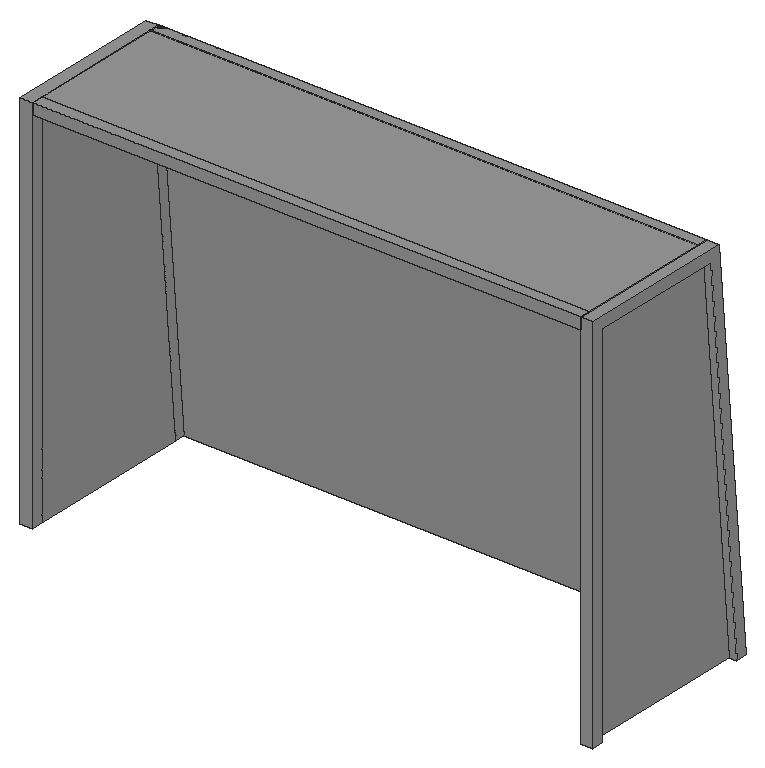
Revit family "АВЛН_Ворота спортивные", category Мебель, Revit 2019
Family settings
  Номер OmniClass = 23.40.20.00
  Заголовок OmniClass = General Furniture and Specialties
  На основе рабочей плоскости = Нет
  Всегда вертикально = Да
  При загрузке вырезать с полостями = Нет
  Общий = Нет
  Точка расчета площади = Нет
Parameters
  М. Сетка = Полотно, белое
  М. Опоры = Сталь, гальванизированная
  Описание = "Описание"
  Type Comments = ""
  Keynote = ""
  Manufacturer = ""
  Группа модели = "Оборудование основных помещений школы"
  ADSK_Размер_Ширина = 1000 mm
  ADSK_Размер_Длина = 3000 mm
  ADSK_Размер_Высота = 2000 mm
  ADSK_Обозначение = ""
  ADSK_Масса = 0
  ADSK_Код изделия = ""
  ADSK_Единица измерения = "шт"  # constant formula
Reference planes
  plane 1 "По центру (Вперед/Назад)": y = 0
  plane 2: z = 0
  plane 3 "По центру (Влево/Вправо)": x = 0
  plane 4: z = 2000
  plane 5: y = 500
  plane 6: x = 1500
  plane 7: x = -1500
  plane 8: y = -500
Forms (mm)
  Extrusion 1, solid, material "Сталь, гальванизированная" <- "М. Опоры"
    sketch origin (0, 0, 0) x (0, 1, 0) y (0, 0, 1)
      loop
        line (500, 0) -> (325.023, 2000) -> (-500, 2000) -> (-500, 0) -> (-440, 0) -> (-440, 1940) -> (270.272, 1940) -> (440, 0) -> (500, 0)
    from 1435.169 to 1500
  Extrusion 2, solid, material "Сталь, гальванизированная" <- "М. Опоры"
    sketch origin (-2895, 0, 0) x (0, 1, 0) y (0, 0, 1)
      loop
        line (500, 0) -> (325.023, 2000) -> (-500, 2000) -> (-500, 0) -> (-440, 0) -> (-440, 1940) -> (270.272, 1940) -> (440, 0) -> (500, 0)
    from 1395 to 1460
  Extrusion 3, solid, material "Сталь, гальванизированная" <- "М. Опоры"
    sketch origin (0, -518.993, 592.976) x (-1, 0, 0) y (0, -1, 0)
      loop
        line (1435, -18.993) -> (-1435.169, -18.993) -> (-1435.169, -78.993) -> (1435, -78.993) -> (1435, -18.993)
    from 1347.024 to 1407.024
  Extrusion 4, solid, material "Сталь, гальванизированная" <- "М. Опоры"
    sketch origin (0, -518.993, 592.976) x (-1, 0, 0) y (0, -1, 0)
      loop
        line (1435, -844.016) -> (1435, -789.265) -> (-1435.169, -789.265) -> (-1435.169, -844.016) -> (1435, -844.016)
    from 1347.024 to 1407.024
  Extrusion 5, solid, material "Полотно, белое" <- "М. Сетка"
    sketch origin (0, 0, 0) x (0, 1, 0) y (0, 0, 1)
      loop
        line (325.023, 2000) -> (-500, 2000) -> (-500, 1990) -> (315.859, 1990) -> (489.962, 0) -> (500, 0) -> (325.023, 2000)
    from -1435 to 1435.169
  Extrusion 6, solid, material "Полотно, белое" <- "М. Сетка"
    sketch origin (0, 0, 0) x (0, 1, 0) y (0, 0, 1)
      loop
        line (-440, 1940) -> (-440, 0) -> (440, 0) -> (270.272, 1940) -> (-440, 1940)
    from -1461.31 to -1435
  Extrusion 7, solid, material "Полотно, белое" <- "М. Сетка"
    sketch origin (0, 0, 0) x (0, 1, 0) y (0, 0, -1)
      loop
        line (-440, -1940) -> (270.272, -1940) -> (440, 0) -> (-440, 0) -> (-440, -1940)
    from -1461.31 to -1435
Dimensions and locks
  plane 2 to plane 4 = 2000 mm
  equal spacing: plane 8, plane 1 "По центру (Вперед/Назад)", plane 5
  equal spacing: plane 7, plane 3 "По центру (Влево/Вправо)", plane 6
  "ADSK_Размер_Длина": plane 7 to plane 6
  "ADSK_Размер_Ширина": plane 5 to plane 8
  "ADSK_Размер_Высота": plane 2 to plane 4
  locked: plane 6 to Extrusion 1 at 64.831
  locked: Extrusion 2 to plane 7 at 65
  aligned and locked: level to plane 2
  aligned and locked: plane 8 to Extrusion 1 sketch curve
  aligned and locked: plane 4 to Extrusion 1 sketch curve
  aligned and locked: level to Extrusion 1 sketch curve
  aligned and locked: plane 6 to Extrusion 1
  aligned and locked: Extrusion 2 to plane 7
  aligned and locked: Extrusion 2 to Extrusion 3 sketch curve
  aligned and locked: Extrusion 3 sketch curve to Extrusion 2
  aligned and locked: Extrusion 1 to Extrusion 3 sketch curve
  aligned and locked: Extrusion 3 sketch curve to Extrusion 1
  aligned and locked: Extrusion 4 sketch curve to Extrusion 2
  aligned and locked: Extrusion 2 to Extrusion 4 sketch curve
  aligned and locked: Extrusion 4 sketch curve to Extrusion 1  (x2)
  aligned and locked: Extrusion 3 to Extrusion 1  (x2)
  aligned and locked: Extrusion 2 to Extrusion 4
  aligned and locked: Extrusion 4 to Extrusion 1
  aligned and locked: Extrusion 5 sketch curve to Extrusion 1
  aligned and locked: plane 8 to Extrusion 5 sketch curve
  aligned and locked: plane 4 to Extrusion 5 sketch curve
  aligned and locked: Extrusion 5 to Extrusion 2
  aligned and locked: Extrusion 5 to Extrusion 1
  aligned and locked: Extrusion 6 sketch curve to Extrusion 3
  aligned and locked: Extrusion 6 sketch curve to Extrusion 4
  aligned and locked: Extrusion 6 sketch curve to Extrusion 1
  aligned and locked: Extrusion 6 sketch curve to level
Automatic sketch dimensions
  Extrusion 1 sketch curve to level = 0 mm
  Extrusion 1 sketch curve to plane 5 = 0 mm
  plane 8 to Extrusion 1 sketch curve = 60 mm
  plane 4 to Extrusion 1 sketch curve = 60 mm
  Extrusion 1 sketch curve to plane 5 = 229.728 mm
  Extrusion 1 sketch curve to Extrusion 1 sketch curve = 54.751 mm
  Extrusion 1 sketch curve to plane 5 = 60 mm
  plane 4 to Extrusion 2 sketch curve = 0 mm
  Extrusion 2 sketch curve to plane 8 = 0 mm
  Extrusion 2 sketch curve to level = 0 mm  (x2)
  Extrusion 2 sketch curve to plane 5 = 0 mm
  plane 8 to Extrusion 2 sketch curve = 60 mm
  plane 4 to Extrusion 2 sketch curve = 60 mm
  Extrusion 2 sketch curve to plane 5 = 229.728 mm
  Extrusion 2 sketch curve to Extrusion 2 sketch curve = 54.751 mm
  Extrusion 2 sketch curve to Extrusion 2 sketch curve = 60 mm
  Extrusion 5 sketch curve to plane 5 = 0 mm
  plane 4 to Extrusion 5 sketch curve = 10 mm
  Extrusion 5 sketch curve to plane 5 = 184.141 mm
  Extrusion 5 sketch curve to Extrusion 5 sketch curve = 9.163 mm
  Extrusion 5 sketch curve to Extrusion 5 sketch curve = 10.038 mm
  Extrusion 7 sketch curve to level = 0 mm
  plane 8 to Extrusion 7 sketch curve = 60 mm
  plane 4 to Extrusion 7 sketch curve = 60 mm
  Extrusion 7 sketch curve to plane 5 = 229.728 mm
  Extrusion 7 sketch curve to plane 5 = 60 mm
